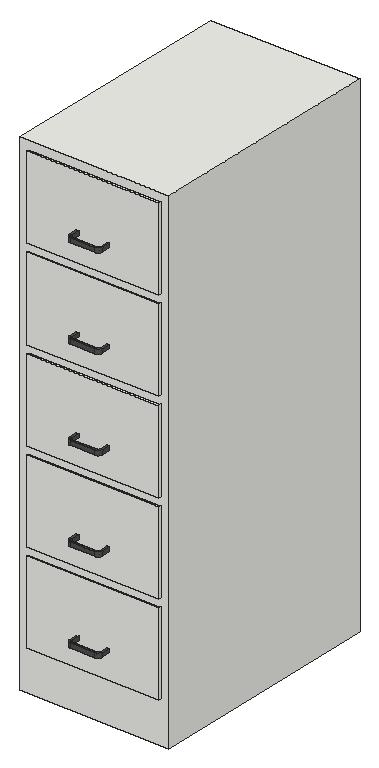
Revit family "M_Armário-Arquivo 5 gavetas", category Mobiliário, Revit 2019
Family settings
  Número OmniClass = 23.40.20.24.24
  Título OmniClass = Filing Cabinets
  ID de item do Seek = Cabinet-File 5 Drawer-0000-CAN-ENU
  Com base no plano de trabalho = Não
  Sempre na vertical = Sim
  Corte com vazios quando carregada = Não
  Compartilhado = Não
  Ponto de cálculo do ambiente = Não
Parameters (values of type "0457 x 0734mm")
  Material do armário = Aço, acabamento de pintura, marfim, com brilho
  Linear = 734.00 mm
  Material do puxador = Aço, Cromo polido
  Altura = 1525.00 mm
  Largura = 457.00 mm
Types (7, lengths in mm): name | Linear | Largura
  (no name) | 734.00 | 457.00
  0380 x 0457mm | 457.00 | 380.00
  0380 x 0635mm | 635.00 | 380.00
  0380 x 0734mm | 734.00 | 380.00
  0457 x 0734mm | 734.00 | 457.00
  1067 x 0380 mm Lat. | 380.00 | 1067.00
  1067 x 0457 mm Lat. | 457.00 | 1067.00
Reference planes
  plane 1 "Centro (Frente/Trás)": y = -142.134
  plane 2: z = 0
  plane 3 "Centro (Esquerda/Direita)": x = -127.896
  plane 4: x = 100.604
  plane 5: x = -356.396
  plane 6: y = 224.866
  plane 7: y = -509.134
  plane 8: z = 1525
  plane 9: y = -515.484
Forms (mm)
  Extrusion 1, solid, material "Aço, acabamento de pintura, marfim, com brilho"
    sketch origin (0, 224.866, 0) x (1, 0, 0) y (0, 0, 1)
      loop
        line (-330.996, 1499.6) -> (-330.996, 1244.6) -> (75.204, 1244.6) -> (75.204, 1499.6) -> (-330.996, 1499.6)
      loop
        line (-330.996, 1219.2) -> (-330.996, 965.2) -> (75.204, 965.2) -> (75.204, 1219.2) -> (-330.996, 1219.2)
      loop
        line (-330.996, 939.8) -> (-330.996, 685.8) -> (75.204, 685.8) -> (75.204, 939.8) -> (-330.996, 939.8)
      loop
        line (-330.996, 660.4) -> (-330.996, 406.4) -> (75.204, 406.4) -> (75.204, 660.4) -> (-330.996, 660.4)
      loop
        line (-330.996, 381) -> (-330.996, 127) -> (75.204, 127) -> (75.204, 381) -> (-330.996, 381)
    from 734 to 740.35
  Extrusion 2, solid, material "Aço, acabamento de pintura, marfim, com brilho" <- "Material do armário"
    sketch origin (0, 0, 0) x (1, 0, 0) y (0, 1, 0)
      loop
        line (-356.396, 224.866) -> (-356.396, -509.134) -> (100.604, -509.134) -> (100.604, 224.866) -> (-356.396, 224.866)
    from 0 to 1525
  Sweep 3, solid, material "Aço, Cromo polido" <- "Material do puxador"
    path origin (0, 0, 0) x (1, 0, 0) y (0, 1, 0)
      loop
        line (-178.696, -515.484) -> (-178.696, -540.884)
        arc (-178.696, -540.884) -> (-174.977, -549.865) -> (-165.996, -553.584) r 12.7
        line (-165.996, -553.584) -> (-89.796, -553.584)
        arc (-89.796, -553.584) -> (-80.816, -549.865) -> (-77.096, -540.884) r 12.7
        line (-77.096, -540.884) -> (-77.096, -515.484)
    profile origin (0, -528.184, 0) x (1, 0, 0) y (0, 0, 1)
      loop
        line (-178.696, 203.2) -> (-172.346, 203.2) -> (-172.346, 215.9) -> (-178.696, 215.9) -> (-178.696, 203.2)
      loop
        line (-178.696, 482.6) -> (-172.346, 482.6) -> (-172.346, 495.3) -> (-178.696, 495.3) -> (-178.696, 482.6)
      loop
        line (-178.696, 762) -> (-172.346, 762) -> (-172.346, 774.7) -> (-178.696, 774.7) -> (-178.696, 762)
      loop
        line (-178.696, 1041.4) -> (-172.346, 1041.4) -> (-172.346, 1054.1) -> (-178.696, 1054.1) -> (-178.696, 1041.4)
      loop
        line (-178.696, 1320.8) -> (-172.346, 1320.8) -> (-172.346, 1333.5) -> (-178.696, 1333.5) -> (-178.696, 1320.8)
Lines and regions (mm)
  Masking region 1
    outline origin (0, 0, 0) x (1, 0, 0) y (0, 1, 0)
      loop
        line (-356.396, 224.866) -> (-356.396, -509.134) -> (100.604, -509.134) -> (100.604, 224.866) -> (-356.396, 224.866)
  symbolic lines
    curve 1: line (-172.346, -540.884, 0) -> (-172.346, -509.134, 0)
    curve 2: line (-89.796, -547.234, 0) -> (-165.996, -547.234, 0)
    curve 3: line (-83.446, -509.134, 0) -> (-83.446, -540.884, 0)
    curve 4: arc (-89.796, -547.234, 0) -> (-85.306, -545.374, 0) -> (-83.446, -540.884, 0) r 6.35
    curve 5: arc (-172.346, -540.884, 0) -> (-170.487, -545.374, 0) -> (-165.996, -547.234, 0) r 6.35
Dimensions and locks
  equal spacing: plane 5, plane 3 "Centro (Esquerda/Direita)", plane 4
  equal spacing: plane 7, plane 1 "Centro (Frente/Trás)", plane 6
  "Largura": plane 5 to plane 4
  "Linear": plane 7 to plane 6
  "Altura": plane 8 to plane 2
  plane 7 to plane 9 = 6.35 mm
  aligned and locked: Extrusion 1 to plane 7
  aligned and locked: plane 9 to Extrusion 1
  aligned and locked: Extrusion 2 to plane 8
  aligned and locked: Extrusion 2 to level
  aligned and locked: plane 6 to Masking region 1 sketch curve
  aligned and locked: Masking region 1 sketch curve to plane 5
  aligned and locked: plane 4 to Masking region 1 sketch curve
  aligned and locked: Masking region 1 sketch curve to plane 7
  aligned and locked: curve 1 to Sweep 3
  aligned and locked: curve 2 to Sweep 3
  aligned and locked: curve 3 to Sweep 3
  aligned and locked: plane 7 to curve 1
  aligned and locked: plane 7 to curve 3
Automatic sketch dimensions
  Extrusion 1 sketch curve to plane 5 = 25.40 mm  (x3)
  Extrusion 1 sketch curve to Extrusion 1 sketch curve = 0.00 mm  (x3)
  plane 4 to Extrusion 1 sketch curve = 25.40 mm  (x4)
  level to Extrusion 1 sketch curve = 127.00 mm
  plane 8 to Extrusion 1 sketch curve = 25.40 mm
  Extrusion 1 sketch curve to Extrusion 1 sketch curve = 254.00 mm  (x4)
  Extrusion 1 sketch curve to Extrusion 1 sketch curve = 25.40 mm  (x4)
  Sweep 3 sketch curve to profile plane = 0.00 mm  (x5)
  Sweep 3 sketch curve to profile plane = 6.35 mm  (x5)
  level to Sweep 3 sketch curve = 203.20 mm
  Sweep 3 sketch curve to Sweep 3 sketch curve = 12.70 mm  (x6)
  Sweep 3 sketch curve to Sweep 3 sketch curve = 266.70 mm  (x4)
  Sweep 3 sketch curve to plane 9 = 0.00 mm  (x2)
  plane 9 to Sweep 3 sketch curve = 25.40 mm
  Sweep 3 sketch curve to plane 3 "Centro (Esquerda/Direita)" = 50.80 mm
  Sweep 3 sketch curve to plane 3 "Centro (Esquerda/Direita)" = 38.10 mm
  plane 3 "Centro (Esquerda/Direita)" to Sweep 3 sketch curve = 38.10 mm
  Extrusion 2 sketch curve to plane 5 = 0.00 mm
  Extrusion 2 sketch curve to plane 4 = 0.00 mm
  Extrusion 2 sketch curve to plane 7 = 0.00 mm
  Extrusion 2 sketch curve to plane 6 = 0.00 mm
  curve 5 to curve 2 = 6.35 mm
  curve 4 to curve 3 = 6.35 mm
